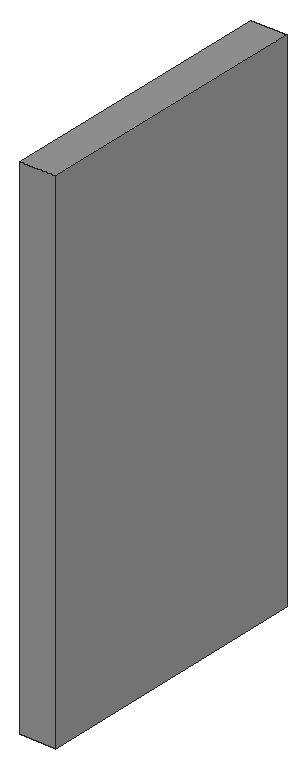
Revit family "BRU_AVLN_ИнженернаяНиша", category Шкафы, Revit 2021
Family settings
  На основе рабочей плоскости = Да
  Всегда вертикально = Да
  При загрузке вырезать с полостями = Нет
  Общий = Нет
  Точка принадлежности помещению = Нет
Parameters (values of type "Дымоудаление")
  ПрочисткаСправа [instance] = no
  ПрочисткаСлева [instance] = no
  Default Elevation = 1219.2 mm
  Материал = Инженерная ниша(ОВ)
  Комментарии к типоразмеру = "Санузел раздельный и совмещеный: канализация, холодная, горячая вода, без канализации трапа"
  КанализацияТрапа(310х410) = no
  КанализацияТрапа(200х500) = no
  Канализация = no
  Manufacturer = ""
  ВодопроводПоперек = no
  ВодопроводВдоль = no
  ADSK_Размер_Ширина = 1600 mm
  ADSK_Размер_Глубина = 200 mm
  ADSK_Размер_Высота = 2850 mm
Types (60, lengths in mm): name | Материал | Комментарии к типоразмеру | КанализацияТрапа(310х410) | КанализацияТрапа(200х500) | Канализация | ВодопроводПоперек | ВодопроводВдоль | ADSK_Размер_Ширина | ADSK_Размер_Глубина | ADSK_Размер_Высота
  ОВ 1600х250 | Инженерная ниша(ОВ) | "Санузел раздельный и совмещеный: канализация, холодная, горячая вода, без канализации трапа" | no | no | no | no | no | 1600 | 200 | 2820
  ЭЛ+СС 1300х250 | Инженерная ниша(ЭЛ_СС) | 0 | no | no | no | no | no | 1300 | 250 | 2820
  ВК 400х200 | Инженерная ниша(ВК) | "Санузел раздельный, совмещеный и кухня: канализация, холодная, горячая вода, без канализации трапа" | no | no | yes | no | yes | 400 | 200 | 2820
  ПТ 800х250 | Инженерная ниша(ВК) | 0 | no | no | no | no | no | 800 | 250 | 2850
  ВК 410х310 | Инженерная ниша(ВК) | "Санузел совмещеный 25 этажное здание: канализация, холодная, горячая вода, с канализацией трапа" | yes | no | yes | yes | no | 410 | 310 | 2850
  ВК 500х200 | Инженерная ниша(ВК) | "Санузел совмещеный: канализация, холодная, горячая вода, канализация трапа" | no | yes | yes | no | yes | 500 | 200 | 2850
  ВК 200х200 Кухня | Инженерная ниша(ВК) | "Кухня: канализация." | no | no | yes | no | no | 200 | 200 | 2820
  ВК 200х200 Ливневка | Инженерная ниша(ВК) | "Кухня: канализация." | no | no | yes | no | no | 200 | 200 | 2850
  ВК 200х200 Циркуляция ГВС | Инженерная ниша(ВК) | "Кухня: канализация." | no | no | yes | no | no | 200 | 200 | 2850
  Дымоудаление | Инженерная ниша(ОВ) | "Санузел раздельный и совмещеный: канализация, холодная, горячая вода, без канализации трапа" | no | no | no | no | no | 1600 | 200 | 2850
  ВК 1060x300х2820 | Инженерная ниша(ВК) | "Кухня: канализация." | no | no | no | no | no | 1060 | 300 | 2820
  ОВ 260x300х2820 | Инженерная ниша(ВК) | "Санузел раздельный, совмещеный и кухня: канализация, холодная, горячая вода, без канализации трапа" | no | no | no | no | no | 260 | 300 | 2820
  ВК 1270x300х2820 | Инженерная ниша(ВК) | "Санузел раздельный, совмещеный и кухня: канализация, холодная, горячая вода, без канализации трапа" | no | no | no | no | no | 1270 | 300 | 2820
  ВК 470x300х2820 | Инженерная ниша(ВК) | "Санузел раздельный, совмещеный и кухня: канализация, холодная, горячая вода, без канализации трапа" | no | no | no | no | no | 470 | 300 | 2820
  ВК 210x300х2820 | Инженерная ниша(ВК) | "Кухня: канализация." | no | no | no | no | no | 300 | 210 | 2820
  ВК 470x300х2520 | Инженерная ниша(ВК) | "Санузел раздельный, совмещеный и кухня: канализация, холодная, горячая вода, без канализации трапа" | no | no | no | no | no | 470 | 300 | 2520
  ВК 210x300х4620 | Инженерная ниша(ВК) | "Кухня: канализация." | no | no | no | no | no | 300 | 210 | 4620
  ВК 470x300х4620 | Инженерная ниша(ВК) | "Санузел раздельный, совмещеный и кухня: канализация, холодная, горячая вода, без канализации трапа" | no | no | no | no | no | 470 | 300 | 4620
  ВК 200х200 Кухня вар 2 | Инженерная ниша(ВК) | "Кухня: канализация." | no | no | yes | no | no | 200 | 200 | 3680
  ВК 400х200 вар2 | Инженерная ниша(ВК) | "Санузел раздельный, совмещеный и кухня: канализация, холодная, горячая вода, без канализации трапа" | no | no | yes | no | yes | 400 | 200 | 3680
  ВК 200х200 Ливневка 1 | Инженерная ниша(ВК) | "Кухня: канализация." | no | no | yes | no | no | 200 | 200 | 4620
  ВК 200х200 Ливневка -1 | Инженерная ниша(ВК) | "Кухня: канализация." | no | no | yes | no | no | 200 | 200 | 3620
  ВК 400х200 9эт 2 | Инженерная ниша(ВК) | "Санузел раздельный, совмещеный и кухня: канализация, холодная, горячая вода, без канализации трапа" | no | no | yes | no | yes | 400 | 200 | 2625
  ВК 200х200 Кухня 9эт 2 | Инженерная ниша(ВК) | "Кухня: канализация." | no | no | yes | no | no | 200 | 200 | 2625
  ВК 200х200 Кухня 8эт 3 | Инженерная ниша(ВК) | "Кухня: канализация." | no | no | yes | no | no | 200 | 200 | 3120
  ВК 400х200 8эт 3 | Инженерная ниша(ВК) | "Санузел раздельный, совмещеный и кухня: канализация, холодная, горячая вода, без канализации трапа" | no | no | yes | no | yes | 400 | 200 | 3120
  ВК 400х200 2 | Инженерная ниша(ВК) | "Санузел раздельный, совмещеный и кухня: канализация, холодная, горячая вода, без канализации трапа" | no | no | yes | no | yes | 400 | 200 | 2850
  ЭЛ+СС 1300х250 5 | Инженерная ниша(ЭЛ_СС) | 0 | no | no | no | no | no | 1300 | 250 | 2820
  ВК 200х200 Кухня 1эт 2 | Инженерная ниша(ВК) | "Кухня: канализация." | no | no | yes | no | no | 200 | 200 | 4580
  ВК 200х200 Кухня 2 | Инженерная ниша(ВК) | "Кухня: канализация." | no | no | yes | no | no | 200 | 200 | 2780
  ОВ 1600х250 29эт | Инженерная ниша(ОВ) | "Санузел раздельный и совмещеный: канализация, холодная, горячая вода, без канализации трапа" | no | no | no | no | no | 1600 | 200 | 2905
  ОВ 1600х250 8эт | Инженерная ниша(ОВ) | "Санузел раздельный и совмещеный: канализация, холодная, горячая вода, без канализации трапа" | no | no | no | no | no | 1600 | 200 | 3080
  ВК 400х200 1эт стек 3 | Инженерная ниша(ВК) | "Санузел раздельный, совмещеный и кухня: канализация, холодная, горячая вода, без канализации трапа" | no | no | yes | no | yes | 400 | 200 | 4580
  ВК 400х200 1эт стек 2 | Инженерная ниша(ВК) | "Санузел раздельный, совмещеный и кухня: канализация, холодная, горячая вода, без канализации трапа" | no | no | yes | no | yes | 400 | 200 | 3680
  ВК 400х200 1 эт 3 | Инженерная ниша(ВК) | "Санузел раздельный, совмещеный и кухня: канализация, холодная, горячая вода, без канализации трапа" | no | no | yes | no | yes | 400 | 200 | 4495
  ВК 400х200 -1 3 | Инженерная ниша(ВК) | "Санузел раздельный, совмещеный и кухня: канализация, холодная, горячая вода, без канализации трапа" | no | no | yes | no | yes | 400 | 200 | 3730
  ВК 200х200 Кухня 1 2 | Инженерная ниша(ВК) | "Кухня: канализация." | no | no | yes | no | no | 200 | 200 | 2520
  ВК 200х200 Кухня -1 эт 2 | Инженерная ниша(ВК) | "Кухня: канализация." | no | no | yes | no | no | 200 | 200 | 3739
  ВК 200х200 Кухня -1 3 | Инженерная ниша(ВК) | "Кухня: канализация." | no | no | yes | no | no | 200 | 200 | 1795
  ВК 400х200 1эт стек | Инженерная ниша(ВК) | "Санузел раздельный, совмещеный и кухня: канализация, холодная, горячая вода, без канализации трапа" | no | no | yes | no | yes | 400 | 200 | 3080
  ВК 200х200 Кухня 8эт 2 | Инженерная ниша(ВК) | "Кухня: канализация." | no | no | yes | no | no | 200 | 200 | 2750
  ВК 400х200 8эт 2 | Инженерная ниша(ВК) | "Санузел раздельный, совмещеный и кухня: канализация, холодная, горячая вода, без канализации трапа" | no | no | yes | no | yes | 400 | 200 | 2750
  ВК 400х200 тех | Инженерная ниша(ВК) | "Санузел раздельный, совмещеный и кухня: канализация, холодная, горячая вода, без канализации трапа" | no | no | yes | no | yes | 400 | 200 | 1850
  ВК 400х200 8эт | Инженерная ниша(ВК) | "Санузел раздельный, совмещеный и кухня: канализация, холодная, горячая вода, без канализации трапа" | no | no | yes | no | yes | 400 | 200 | 3080
  ВК 200х200 Кухня 8эт | Инженерная ниша(ВК) | "Кухня: канализация." | no | no | yes | no | no | 200 | 200 | 3080
  ВК 400х200 -1 2 | Инженерная ниша(ВК) | "Санузел раздельный, совмещеный и кухня: канализация, холодная, горячая вода, без канализации трапа" | no | no | yes | no | yes | 400 | 200 | 3620
  ВК 200х200 Кухня -1эт 2 | Инженерная ниша(ВК) | "Кухня: канализация." | no | no | yes | no | no | 200 | 200 | 3020
  ВК 400х200 1 эт 2 | Инженерная ниша(ВК) | "Санузел раздельный, совмещеный и кухня: канализация, холодная, горячая вода, без канализации трапа" | no | no | yes | no | yes | 400 | 200 | 2520
  ЭЛ+СС 1300х250 1эт | Инженерная ниша(ЭЛ_СС) | 0 | no | no | no | no | no | 1300 | 250 | 4620
  ВК 400х200 -1 | Инженерная ниша(ВК) | "Санузел раздельный, совмещеный и кухня: канализация, холодная, горячая вода, без канализации трапа" | no | no | yes | no | yes | 400 | 200 | 3020
  ЭЛ+СС 1300х250 9эт | Инженерная ниша(ЭЛ_СС) | 0 | no | no | no | no | no | 1300 | 250 | 2905
  ОВ 1600х250 1эт | Инженерная ниша(ОВ) | "Санузел раздельный и совмещеный: канализация, холодная, горячая вода, без канализации трапа" | no | no | no | no | no | 1600 | 200 | 4620
  ВК 400х200 1 эт | Инженерная ниша(ВК) | "Санузел раздельный, совмещеный и кухня: канализация, холодная, горячая вода, без канализации трапа" | no | no | yes | no | yes | 400 | 200 | 4620
  ВК 200х200 Кухня 1эт | Инженерная ниша(ВК) | "Кухня: канализация." | no | no | yes | no | no | 200 | 200 | 4620
  ОВ 1600х250 -1эт | Инженерная ниша(ОВ) | "Санузел раздельный и совмещеный: канализация, холодная, горячая вода, без канализации трапа" | no | no | no | no | no | 1600 | 200 | 3620
  ЭЛ+СС 1300х250 -1эт | Инженерная ниша(ЭЛ_СС) | 0 | no | no | no | no | no | 1300 | 250 | 3620
  ВК 200х200 Кухня -1эт | Инженерная ниша(ВК) | "Кухня: канализация." | no | no | yes | no | no | 200 | 200 | 3620
  ВК 200х200 Кухня -1 эт | Инженерная ниша(ВК) | "Кухня: канализация." | no | no | yes | no | no | 200 | 200 | 3620
  ВК 400х200 9эт | Инженерная ниша(ВК) | "Санузел раздельный, совмещеный и кухня: канализация, холодная, горячая вода, без канализации трапа" | no | no | yes | no | yes | 400 | 200 | 2905
  ВК 200х200 Кухня 9эт | Инженерная ниша(ВК) | "Кухня: канализация." | no | no | yes | no | no | 200 | 200 | 2905
Reference planes
  plane 1 "По центру (Вперед/Назад)": y = 0
  plane 2: z = 0
  plane 3 "По центру (Влево/Вправо)": x = 0
  plane 4: x = -100
  plane 5: x = 100
  plane 6: y = 1500
  plane 7: y = -100
Forms (mm)
  Extrusion 1, solid, material "Инженерная ниша(ОВ)" <- "Материал"
    sketch origin (0, 0, 0) x (1, 0, 0) y (0, 1, 0)
      loop
        line (-100, 1500) -> (-100, -100) -> (100, -100) -> (100, 1500) -> (-100, 1500)
    from 0 to 2850 <- "ADSK_Размер_Высота"
Lines and regions (mm)
  model lines
    curve 1: line (-100, 1500, 0) -> (100, 1500, 0)
    curve 2: line (-100, -100, 0) -> (-100, 1500, 0)
    curve 3: line (100, -100, 0) -> (-100, -100, 0)
    curve 4: line (100, 1500, 0) -> (100, -100, 0)
  model lines, style "CaseworkHiddenLines"
    curve 5: line (0, 1500, 0) -> (0, -100, 0)
    curve 6: line (-100, 0, 0) -> (100, 0, 0)
  symbolic lines, style "Casework", visible <- "Канализация"
    curve 7: circle (0, 0, 0) r 50 normal (0, 0, 1)
  symbolic lines, style "Casework", visible <- "ВодопроводВдоль"
    curve 8: circle (0, 100, 0) r 25 normal (0, 0, 1)
    curve 9: circle (0, 200, 0) r 25 normal (0, 0, 1)
  symbolic lines, style "Casework", visible <- "КанализацияТрапа(200х500)"
    curve 10: circle (-60, 300, 0) r 25 normal (0, 0, 1)
  symbolic lines, style "Casework", visible <- "КанализацияТрапа(310х410)"
    curve 11: circle (0, 100, 0) r 35 normal (0, 0, 1)
  symbolic lines, style "Casework", visible <- "ВодопроводПоперек"
    curve 12: circle (-50, 200, 0) r 25 normal (0, 0, 1)
    curve 13: circle (50, 200, 0) r 25 normal (0, 0, 1)
  symbolic lines, style "Casework", visible <- "ПрочисткаСлева"
    curve 14: line (-70, 40, 0) -> (-30, 40, 0)
    curve 15: line (-70, -40, 0) -> (-70, 40, 0)
    curve 16: line (-30, -40, 0) -> (-70, -40, 0)
  symbolic lines, style "Casework", visible <- "ПрочисткаСправа"
    curve 17: line (70, 40, 0) -> (30, 40, 0)
    curve 18: line (70, -40, 0) -> (70, 40, 0)
    curve 19: line (30, -40, 0) -> (70, -40, 0)
Dimensions and locks
  equal spacing: plane 4, plane 3 "По центру (Влево/Вправо)", plane 5
  "ADSK_Размер_Ширина": plane 6 to plane 7
  "ADSK_Размер_Глубина": plane 4 to plane 5
  plane 1 "По центру (Вперед/Назад)" to plane 7 = 100 mm
  locked: plane 1 "По центру (Вперед/Назад)" to curve 8 at 100
  locked: curve 9 to curve 8 at 100
  locked: curve 10 to curve 5 at 60
  locked: curve 9 to curve 10 at 100
  locked: plane 1 "По центру (Вперед/Назад)" to curve 11 at 100
  curve 15 to plane 3 "По центру (Влево/Вправо)" to curve 18 = 70 mm locked, 70 mm locked
  aligned and locked: level to plane 2
  aligned and locked: curve 1 to plane 6
  aligned and locked: plane 7 to curve 3
  aligned and locked: curve 4 to plane 5
  aligned and locked: plane 4 to curve 2
  aligned and locked: plane 6 to Extrusion 1
  aligned and locked: plane 5 to Extrusion 1
  aligned and locked: Extrusion 1 to plane 7
  aligned and locked: Extrusion 1 to plane 4
  aligned and locked: plane 4 to curve 6
  aligned and locked: plane 5 to curve 6
  aligned and locked: plane 6 to curve 5
  aligned and locked: plane 7 to curve 5
Automatic sketch dimensions
  Extrusion 1 sketch curve to plane 4 = 0 mm
  Extrusion 1 sketch curve to plane 5 = 0 mm
  Extrusion 1 sketch curve to plane 7 = 0 mm
  Extrusion 1 sketch curve to plane 6 = 0 mm
  curve 8 to curve 11 = 0 mm
  curve 9 to plane 3 "По центру (Влево/Вправо)" = 0 mm
  curve 5 to plane 3 "По центру (Влево/Вправо)" = 0 mm
  curve 11 to plane 3 "По центру (Влево/Вправо)" = 0 mm
  plane 1 "По центру (Вперед/Назад)" to curve 7 = 0 mm
  curve 7 to plane 3 "По центру (Влево/Вправо)" = 0 mm
  plane 1 "По центру (Вперед/Назад)" to curve 6 = 0 mm
  curve 12 to curve 9 = 50 mm
  plane 3 "По центру (Влево/Вправо)" to curve 13 = 50 mm
  plane 1 "По центру (Вперед/Назад)" to curve 18 = 40 mm
  plane 1 "По центру (Вперед/Назад)" to curve 16 = 40 mm
  curve 18 to plane 1 "По центру (Вперед/Назад)" = 40 mm
  curve 15 to plane 1 "По центру (Вперед/Назад)" = 40 mm
  curve 12 to curve 9 = 0 mm
  curve 9 to curve 13 = 0 mm
  curve 16 to plane 3 "По центру (Влево/Вправо)" = 30 mm
  radius of curve 8 = 25 mm
  radius of curve 9 = 25 mm
  radius of curve 10 = 25 mm
  radius of curve 11 = 35 mm
  radius of curve 12 = 25 mm
  radius of curve 13 = 25 mm
